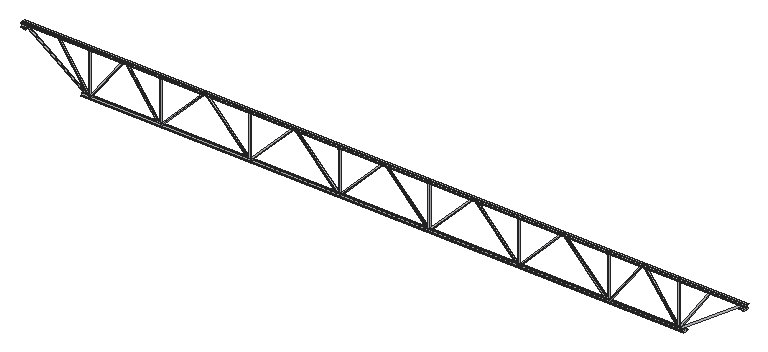
Revit family "9c9a49268ec04ab88eb60fa0b8c4e295", category Structural Framing, Revit 2019
Family settings
  Structural Framing Length Roundoff = 0' - 0 1/16"
  Section Shape = Not Defined
  Material for Model Behavior = Steel
  Always export as geometry = Yes
  OmniClass Number = 23.25.30.21.14.11
  OmniClass Title = Metal Joists
  Seek Item ID = DLH-Series Bar Joist-0000-USA-ENU
  Always vertical = Yes
  Cut with Voids When Loaded = No
  Symbolic Representation = From Family
  Shared = No
  Show family pre-cut in plan views = Yes
Parameters (values of type "52DLH14")
  Wt = 39
  Web Thickness = 0' - 1"
  Vertical Member Visibility = yes
  Variable Panel [instance] = (Length - (End Panel * 2) - IntPanelArrayLength) / 2  # 6' - 10"
  Structural Material = none
  Start Offset [instance] = 0' - 0"
  Start Extension [instance] = 0' - 0"
  Seat Length = 0' - 6"
  Seat Depth = 0' - 5"
  IntPanelWidth [instance] = Depth * 2  # 8' - 8"
  IntPanelArrayNum [instance] = (PanelAreaLength / IntPanelWidth) - 2  # 5
  IntPanelArrayLength [instance] = IntPanelArrayNum * IntPanelWidth  # 43' - 4"
  PanelAreaLength [instance] = Length - (End Panel * 2)  # 57' - 0"
  End Panel = 1.5 * Depth  # 6' - 6"
  End Offset [instance] = 0' - 0"
  End Extension [instance] = 0' - 0"
  Cord Leg = 0' - 2 1/2"
  Chord Thickness = 0' - 0 1/2"
  Assembly Code = "B1010350"
  Length [instance] = 70' - 0"
  Depth = 4' - 4"
Types (3): name | Wt | Variable Panel | IntPanelWidth | IntPanelArrayNum | IntPanelArrayLength | PanelAreaLength | End Panel | Depth
  72DLH16 | 50 | 14' - 0" | 12' - 0" | 2 | 24' - 0" | 52' - 0" | 9' - 0" | 6' - 0"
  64DLH15 | 43 | 11' - 0" | 10' - 8" | 3 | 32' - 0" | 54' - 0" | 8' - 0" | 5' - 4"
  52DLH14 | 39 | 6' - 10" | 8' - 8" | 5 | 43' - 4" | 57' - 0" | 6' - 6" | 4' - 4"
Reference planes (in)
  plane 1 "Center (Front/Back)": y = 0
  plane 2: z = 0
  plane 3 "Center (Left/Right)": x = 0.1815
  plane 4 "Member Left": x = -139.8185
  plane 5 "Member Right": x = 140.1815
  plane 6: y = 3
  plane 7: y = -3
  plane 8: z = 26
  plane 9: z = -26
  plane 10 "Left": x = -419.8185
  plane 11 "Stick Symbol Left": x = -513.8185
  plane 12 "Stick Symbol Right": x = 516.38727
  plane 13 "Right": x = 420.1815
  plane 14: z = 21
  plane 15: x = -413.8185
  plane 16: x = -341.8185
  plane 17: x = -349.8185
  plane 18: x = 414.1815
  plane 19: x = 342.1815
  plane 20: y = 0.5
  plane 21: y = -0.5
  plane 22: z = 23.5
  plane 23: z = -23.5
  plane 24: x = 350.1815
  plane 25: x = -377.8185
  plane 26: x = -259.8185
  plane 27: x = 260.1815
  plane 28: x = 378.1815
  plane 29: z = -25.75
  plane 30: z = 25.75
  plane 31: x = -419.8185
  plane 32: x = 420.1815
  plane 33: x = -419.8185
  plane 34: x = 420.1815
  plane 35 "Symbol Left": x = -513.8185
  plane 36: x = -513.8185
  plane 37: x = 516.38727
  plane 38 "Symbol Right": x = 516.38727
Forms (in)
  Extrusion 1, solid, material <- "Structural Material", detail levels medium+fine
    sketch origin (0.1815, 0, 0) x (0, 1, 0) y (0, 0, 1)
      loop
        line (3, 26) -> (0.5, 26) -> (0.5, 23.5) -> (1, 23.5) -> (1, 25.5) -> (3, 25.5) -> (3, 26)
      loop
        line (-3, 26) -> (-3, 25.5) -> (-1, 25.5) -> (-1, 23.5) -> (-0.5, 23.5) -> (-0.5, 26) -> (-3, 26)
    from -420 to 420
  Extrusion 2, solid, material <- "Structural Material", detail levels medium+fine
    sketch origin (0.1815, 0, 0) x (0, 1, 0) y (0, 0, 1)
      loop
        line (0.5, -23.5) -> (0.5, -26) -> (3, -26) -> (3, -25.5) -> (1, -25.5) -> (1, -23.5) -> (0.5, -23.5)
      loop
        line (-0.5, -23.5) -> (-1, -23.5) -> (-1, -25.5) -> (-3, -25.5) -> (-3, -26) -> (-0.5, -26) -> (-0.5, -23.5)
    from -350 to 350
  Extrusion 3, solid, material <- "Structural Material", detail levels medium+fine
    sketch origin (0.1815, 0, 0) x (0, 1, 0) y (0, 0, 1)
      loop
        line (3, 21) -> (3, 21.5) -> (1, 21.5) -> (1, 23.5) -> (0.5, 23.5) -> (0.5, 21) -> (3, 21)
      loop
        line (-3, 21) -> (-0.5, 21) -> (-0.5, 23.5) -> (-1, 23.5) -> (-1, 21.5) -> (-3, 21.5) -> (-3, 21)
    from 414 to 420
  Extrusion 4, solid, material <- "Structural Material", detail levels medium+fine
    sketch origin (0.1815, 0, 0) x (0, 1, 0) y (0, 0, 1)
      loop
        line (-3, 21) -> (-0.5, 21) -> (-0.5, 23.5) -> (-1, 23.5) -> (-1, 21.5) -> (-3, 21.5) -> (-3, 21)
      loop
        line (0.5, 21) -> (3, 21) -> (3, 21.5) -> (1, 21.5) -> (1, 23.5) -> (0.5, 23.5) -> (0.5, 21)
    from -420 to -414
  Sweep 5, solid, material <- "Structural Material", detail levels fine
    path in 3D
      loop
        line (342.1815, 0, -25.75) -> (414.1815, 0, 23.5)
    profile "Web-Profile : Web-Profile" origin (378.1815, 0, -1.125) x (-0.564581, 0, 0.825378) y (0, -1, 0)
      loop
        line (-1, 0.75) -> (-1, 0.25) -> (1, 0.25) -> (1, 0.75) -> (-1, 0.75)
  Sweep 6, solid, material <- "Structural Material", detail levels fine
    path in 3D
      loop
        line (378.06721, 0, 23.5) -> (342.1815, 0, -25.75)
    profile "Web-Profile : Web-Profile" origin (360.12436, 0, -1.125) x (0.808209, 0, -0.588896) y (0, -1, 0)
      loop
        line (-1, 0.25) -> (-1, -0.25) -> (1, -0.25) -> (1, 0.25) -> (-1, 0.25)
  Sweep 7, solid, material <- "Structural Material", detail levels fine
    path in 3D
      loop
        line (-413.8185, 0, 23.5) -> (-341.8185, 0, -25.75)
    profile "Web-Profile : Web-Profile" origin (-377.8185, 0, -1.125) x (0.564581, 0, 0.825378) y (0, -1, 0)
      loop
        line (-1, 0.25) -> (-1, -0.25) -> (1, -0.25) -> (1, 0.25) -> (-1, 0.25)
  Sweep 8, solid, material <- "Structural Material", detail levels fine
    path in 3D
      loop
        line (-341.8185, 0, -25.75) -> (-377.8185, 0, 23.5)
    profile "Web-Profile : Web-Profile" origin (-359.8185, 0, -1.125) x (-0.807316, 0, -0.590119) y (0, -1, 0)
      loop
        line (-1, 0.25) -> (-1, -0.25) -> (1, -0.25) -> (1, 0.25) -> (-1, 0.25)
Lines and regions (in)
  symbolic lines, style "StructuralFraming", detail levels coarse
    curve 1: line (0, 3, 26) -> (0, 0.5, 26)
    curve 2: line (0, -3, -26) -> (0, -0.5, -26)
    curve 14: line (0, 0.5, -26) -> (0, 3, -26)
    curve 15: line (0.1815, 0.5, -26) -> (0.1815, 0.5, -23.5)
    curve 16: line (0.1815, -0.5, -26) -> (0.1815, -0.5, -23.5)
    curve 17: line (0.1815, -0.5, 26) -> (0.1815, -0.5, 23.5)
    curve 18: line (0.1815, 0.5, 26) -> (0.1815, 0.5, 23.5)
    curve 19: line (0, -0.5, 26) -> (0, -3, 26)
  symbolic lines, style "StructuralFraming", detail levels coarse+medium
    curve 3: line (0, 0, -26) -> (0, 0, 26)
  reference lines
    curve 4: line (-507.8185, 0, -30.86251) -> (-507.8185, 0, 29.13749)
    curve 5: line (-429.8185, 0, -31.11251) -> (-429.8185, 0, 29.13749)
    curve 6: line (510.38727, 0, -30.05649) -> (510.38727, 0, 27.94351)
    curve 7: line (432.38727, 0, -33.77905) -> (432.38727, 0, 29.22095)
  model lines, style "Web Joist", detail levels coarse
    curve 8: line (432.38727, 0, -26) -> (-429.8185, 0, -26)
    curve 9: line (516.38727, 0, 26) -> (-513.8185, 0, 26)
    curve 20: line (-429.8185, 0, -26) -> (-507.8185, 0, 26)
    curve 21: line (432.38727, 0, -26) -> (510.38727, 0, 26)
  model lines, style "StructuralFraming", detail levels medium
    curve 10: line (-341.8185, 0, -25.75) -> (-377.8185, 0, 23.5)
    curve 11: line (-413.8185, 0, 23.5) -> (-341.8185, 0, -25.75)
    curve 12: line (378.06721, 0, 23.5) -> (342.1815, 0, -25.75)
    curve 13: line (342.1815, 0, -25.75) -> (414.1815, 0, 23.5)
  sketch lines
    curve 22: line (342.1815, 0, -25.75) -> (414.1815, 0, 23.5)
    curve 23: line (378.06721, 0, 23.5) -> (342.1815, 0, -25.75)
    curve 24: line (-413.8185, 0, 23.5) -> (-341.8185, 0, -25.75)
    curve 25: line (-341.8185, 0, -25.75) -> (-377.8185, 0, 23.5)
  symbolic lines, style "StructuralFraming", detail levels fine
    curve 26: line (0.1815, 0.5, 23.5) -> (0.1815, 0.5, -23.5)
  symbolic lines, detail levels fine
    curve 27: line (0.1815, -0.5, 23.5) -> (0.1815, -0.5, -23.5)
    curve 28: line (0.1815, 0.5, 25.75) -> (0.1815, -0.5, 25.75)
    curve 29: line (0.1815, 0.5, -25.75) -> (0.1815, -0.5, -25.75)
Dimensions and locks (in)
  equal spacing: plane 9, plane 2, plane 8
  "Length": plane 10 "Left" to plane 13 "Right"
  equal spacing: plane 10 "Left", plane 3 "Center (Left/Right)", plane 13 "Right"
  "End Panel": curve 5 to curve 4
  "End Panel": curve 6 to curve 7
  "Depth": plane 9 to plane 8
  "Seat Depth": plane 8 to plane 14
  locked: plane 17 to plane 16 at 8
  "End Panel": plane 10 "Left" to plane 16
  "End Panel": plane 13 "Right" to plane 19
  "Web Thickness": plane 20 to plane 21
  equal spacing: plane 20, plane 1 "Center (Front/Back)", plane 21
  "Cord Leg": plane 21 to plane 7
  "Cord Leg": plane 6 to plane 20
  "Cord Leg": plane 9 to plane 23
  "Cord Leg": plane 22 to plane 8
  "Chord Thickness": plane 8 to Extrusion 1 sketch curve
  "Chord Thickness": Extrusion 1 sketch curve to plane 8
  "Chord Thickness": plane 21 to Extrusion 1 sketch curve
  "Chord Thickness": Extrusion 1 sketch curve to plane 20
  "Chord Thickness": plane 9 to Extrusion 2 sketch curve  (x2)
  "Chord Thickness": Extrusion 2 sketch curve to plane 20
  "Chord Thickness": plane 21 to Extrusion 2 sketch curve
  plane 19 to plane 24 = 0' - 8"
  "Chord Thickness": plane 14 to Extrusion 3 sketch curve  (x2)
  "Chord Thickness": plane 21 to Extrusion 3 sketch curve
  "Chord Thickness": Extrusion 3 sketch curve to plane 20
  "Chord Thickness": plane 14 to Extrusion 4 sketch curve  (x2)
  "Chord Thickness": Extrusion 4 sketch curve to plane 20
  "Chord Thickness": plane 21 to Extrusion 4 sketch curve
  locked: plane 29 to plane 9 at 0.25
  locked: plane 8 to plane 30 at 0.25
  equal spacing: plane 16, plane 25, plane 15
  equal spacing: plane 18, plane 28, plane 19
  equal spacing: plane 27, plane 3 "Center (Left/Right)", plane 26
  "IntPanelArrayLength": plane 27 to plane 26
  equal spacing: group 1, group 3, group 4, group 5, group 2  (x3)
  "Start Offset": plane 10 "Left" to plane 33
  "Seat Length": plane 15 to plane 33
  "Start Extension": plane 31 to plane 33
  "End Offset": plane 34 to plane 13 "Right"
  "Seat Length": plane 18 to plane 34
  "End Extension": plane 34 to plane 32
  "Seat Length": curve 4 to plane 36
  "Start Offset": plane 36 to plane 11 "Stick Symbol Left"
  "Start Extension": plane 36 to plane 35 "Symbol Left"
  "Seat Length": plane 37 to curve 6
  "End Offset": plane 37 to plane 12 "Stick Symbol Right"
  "End Extension": plane 38 "Symbol Right" to plane 37
  aligned and locked: curve 8 to plane 9
  aligned and locked: curve 9 to plane 8
  aligned and locked: curve 5 to curve 8
  aligned and locked: curve 7 to curve 8
  aligned and locked: plane 8 to Extrusion 1 sketch curve
  aligned and locked: Extrusion 1 sketch curve to plane 8
  aligned and locked: plane 6 to Extrusion 1 sketch curve
  aligned and locked: plane 7 to Extrusion 1 sketch curve
  aligned and locked: Extrusion 1 sketch curve to plane 22
  aligned and locked: plane 22 to Extrusion 1 sketch curve
  aligned and locked: plane 9 to Extrusion 2 sketch curve
  aligned and locked: Extrusion 2 sketch curve to plane 9
  aligned and locked: plane 6 to Extrusion 2 sketch curve
  aligned and locked: plane 7 to Extrusion 2 sketch curve
  aligned and locked: plane 20 to Extrusion 2 sketch curve
  aligned and locked: plane 21 to Extrusion 2 sketch curve
  aligned and locked: Extrusion 2 sketch curve to plane 23
  aligned and locked: plane 23 to Extrusion 2 sketch curve
  aligned and locked: Extrusion 2 to plane 24
  aligned and locked: plane 17 to Extrusion 2
  aligned and locked: Extrusion 3 sketch curve to plane 7
  aligned and locked: plane 14 to Extrusion 3 sketch curve
  aligned and locked: Extrusion 3 sketch curve to plane 14
  aligned and locked: Extrusion 3 sketch curve to plane 6
  aligned and locked: plane 21 to Extrusion 3 sketch curve
  aligned and locked: plane 20 to Extrusion 3 sketch curve
  aligned and locked: Extrusion 3 sketch curve to plane 22
  aligned and locked: plane 22 to Extrusion 3 sketch curve
  aligned and locked: Extrusion 3 to plane 18
  aligned and locked: plane 6 to Extrusion 4 sketch curve
  aligned and locked: Extrusion 4 sketch curve to plane 7
  aligned and locked: Extrusion 4 sketch curve to plane 20
  aligned and locked: plane 21 to Extrusion 4 sketch curve
  aligned and locked: plane 22 to Extrusion 4 sketch curve  (x2)
  aligned and locked: Extrusion 4 sketch curve to plane 14  (x2)
  aligned and locked: plane 15 to Extrusion 4
  aligned and locked: Extrusion 2 to curve 15
  aligned and locked: curve 15 to Extrusion 2
  aligned and locked: curve 2 to curve 16
  aligned and locked: curve 16 to Extrusion 2
  aligned and locked: Extrusion 1 to curve 17
  aligned and locked: curve 17 to Extrusion 1
  aligned and locked: curve 18 to Extrusion 1  (x2)
  aligned and locked: curve 1 to Extrusion 1
  aligned and locked: nested 1 to plane 1 "Center (Front/Back)"
  aligned and locked: nested 1 to plane 26
  aligned and locked: plane 27 to nested 2
  aligned and locked: plane 1 "Center (Front/Back)" to nested 3
  aligned and locked: nested 3 to plane 16
  aligned and locked: Extrusion 4 to curve 11
  aligned and locked: curve 13 to Extrusion 3
  aligned and locked: plane 25 to curve 10
  aligned and locked: curve 4 to curve 20
  aligned and locked: curve 6 to curve 21
  aligned and locked: Extrusion 1 to plane 31
  aligned and locked: Extrusion 4 to plane 31
  aligned and locked: plane 32 to Extrusion 3
  aligned and locked: plane 32 to Extrusion 1
  aligned and locked: plane 1 "Center (Front/Back)" to nested 4
  aligned and locked: nested 4 to plane 27
  aligned and locked: plane 9 to nested 3
  aligned and locked: plane 9 to nested 1
  aligned and locked: plane 9 to nested 4
  aligned and locked: plane 35 "Symbol Left" to curve 9
  aligned and locked: plane 38 "Symbol Right" to curve 9
Automatic sketch dimensions
  Extrusion 1 sketch curve to plane 21 = 0' - 0"
  Extrusion 1 sketch curve to plane 20 = 0' - 0"
  curve 14 to plane 6 = 0' - 0"
  curve 1 to plane 6 = 0' - 0"
  curve 14 to plane 9 = 0' - 0"
  curve 14 to plane 20 = 0' - 0"
  curve 1 to plane 20 = 0' - 0"
  curve 19 to plane 8 = 0' - 0"
  curve 19 to plane 21 = 0' - 0"
  curve 19 to plane 7 = 0' - 0"
  curve 2 to plane 7 = 0' - 0"
  curve 2 to plane 9 = 0' - 0"
  curve 2 to plane 21 = 0' - 0"
  curve 3 to plane 1 "Center (Front/Back)" = 0' - 0"
  curve 3 to plane 9 = 0' - 0"
  curve 29 to plane 29 = 0' - 0"
  curve 16 to plane 23 = 0' - 0"
  curve 26 to plane 23 = 0' - 0"
  curve 26 to plane 22 = 0' - 0"
  curve 17 to plane 22 = 0' - 0"
  curve 28 to plane 30 = 0' - 0"
  curve 3 to plane 8 = 0' - 0"
  plane 9 to curve 7 = 0' - 7.77905"
  plane 9 to curve 5 = 0' - 5.11251"
  plane 9 to curve 4 = 0' - 4.86251"
  plane 9 to curve 6 = 0' - 4.05649"
  curve 6 to plane 8 = 0' - 1.94351"
  curve 5 to plane 8 = 0' - 3.13749"
  curve 4 to plane 8 = 0' - 3.13749"
  curve 7 to plane 8 = 0' - 3.22095"
  curve 11 to plane 15 = 0' - 0"
  plane 16 to curve 10 = 0' - 0"
  curve 12 to plane 19 = 0' - 0"
  curve 12 to plane 22 = 0' - 0"
  curve 13 to plane 18 = 0' - 0"
  curve 10 to plane 29 = 0' - 0"
  curve 13 to plane 29 = 0' - 0"
  curve 10 to plane 22 = 0' - 0"
  plane 28 to curve 12 = 0' - 0.11429"
Nested families (in)
  nested 1: "Angled Web" at (-259.8185, 0, 0), type "Angled Web"
  nested 2: "Angled Web" at (156.1815, 0, 0), type "Angled Web"
  nested 3: "Angled Web-Variable-Left" at (-341.8185, 0, 0), PanelWidth <- "Variable Panel", type "Angled Web-Variable-Left"
    with PanelWidth 6' - 10"
  nested 4: "Angled Web-Variable-Right" at (260.1815, 0, 0), PanelWidth <- "Variable Panel", type "Angled Web-Variable-Right"
    with PanelWidth 6' - 10"
  nested 5: "Angled Web" at (-155.8185, 0, 0), type "Angled Web"
  nested 6: "Angled Web" at (-51.8185, 0, 0), type "Angled Web"
  nested 7: "Angled Web" at (52.1815, 0, 0), type "Angled Web"
Definition of nested family "Angled Web"
  Parameters
    WebMaterial = none
    Web Thickness = Thickness / 2  # 0' - 0 1/2"
    Web Offset = Web Leg / 2  # 0' - 1"
    Web Leg = 0' - 2"
    Vertical Member Visibility = yes
    Thickness = 0' - 1"
    PanelHeight = 4' - 4"
    PanelWidth = 8' - 8"
    Assembly Code = ""
  Reference planes (in)
    plane 1 "Center (Front/Back)": y = 0
    plane 2: z = 0
    plane 3 "Center (Left/Right)": x = 0
    plane 4: x = 104
    plane 5: x = 52
    plane 6: z = -26
    plane 7: z = -25
    plane 8: z = 25
    plane 9: z = 26
    plane 10: y = -0.5
    plane 11: y = 0.5
    plane 12: z = 23.5
    plane 13: z = -23.5
  Forms (in)
    Sweep 1, solid, material <- "WebMaterial", detail levels fine
      path in 3D
        loop
          line (0, 0, -25) -> (1, 0, -25) -> (51, 0, 25) -> (53, 0, 25)
      profile origin (0.5, 0, -25) x (0, 0, 1) y (0, -1, 0)
        loop
          line (1, 0) -> (1, 0.5) -> (-1, 0.5) -> (-1, 0) -> (1, 0)
    Sweep 2, solid, material <- "WebMaterial", detail levels fine
      path in 3D
        loop
          line (104, 0, -25) -> (103, 0, -25) -> (53, 0, 25) -> (51, 0, 25)
      profile origin (103.5, 0, -25) x (0, 0, -1) y (0, -1, 0)
        loop
          line (-1, -0.5) -> (1, -0.5) -> (1, 0) -> (-1, 0) -> (-1, -0.5)
    Sweep 3, solid, material <- "WebMaterial", detail levels fine
      path in 3D
        loop
          line (3.91421, -0.5, -23.5) -> (50.91421, -0.5, 23.5)
      profile origin (27.41421, -0.5, 0) x (-0.707107, 0, 0.707107) y (0, -1, 0)
        loop
          line (0, 0) -> (0.5, 0) -> (0.5, 1.5) -> (0, 1.5) -> (0, 0)
    Sweep 4, solid, material <- "WebMaterial", detail levels fine
      path in 3D
        loop
          line (100.08579, 0.5, -23.5) -> (53.08579, 0.5, 23.5)
      profile origin (76.58579, 0.5, 0) x (0.707107, 0, 0.707107) y (0, 1, 0)
        loop
          line (0, 0) -> (0.5, 0) -> (0.5, 1.5) -> (0, 1.5) -> (0, 0)
    Sweep 5, solid, material <- "WebMaterial", visible <- "Vertical Member Visibility", detail levels fine
      path origin (0, 0, 0) x (1, 0, 0) y (0, 1, 0)
        loop
          line (104, 0.5) -> (104, -0.5)
      profile origin (104, 0, 0) x (1, 0, 0) y (0, 0, 1)
        loop
          line (-1, 26) -> (-1, 22.75) -> (-0.5625, 22.3125) -> (-0.5625, -22.3125) -> (-1, -22.75) -> (-1, -26) -> (1, -26) -> (1, 26) -> (-1, 26)
  Cuts and joins
    joined: Sweep 1, Sweep 3
    joined: Sweep 2, Sweep 4
  Lines and regions (in)
    model lines, detail levels medium+fine
      curve 1: line (0, 0, -26) -> (0, 0, 26)
      curve 2: line (0, 0, 26) -> (104, 0, 26)
      curve 3: line (104, 0, 26) -> (104, 0, -26)
      curve 4: line (104, 0, -26) -> (0, 0, -26)
    model lines, detail levels medium
      curve 5: line (51, 0, 25) -> (53, 0, 25)
      curve 6: line (0, 0, -25) -> (1, 0, -25)
      curve 7: line (104, 0, -25) -> (103, 0, -25)
      curve 8: line (1, 0, -25) -> (51, 0, 25)
      curve 9: line (53, 0, 25) -> (103, 0, -25)
    sketch lines
      curve 10: line (0, 0, -25) -> (1, 0, -25)
      curve 11: line (1, 0, -25) -> (51, 0, 25)
      curve 12: line (51, 0, 25) -> (53, 0, 25)
      curve 13: line (104, 0, -25) -> (103, 0, -25)
      curve 14: line (53, 0, 25) -> (103, 0, -25)
      curve 15: line (51, 0, 25) -> (53, 0, 25)
      curve 16: line (3.91421, -0.5, -23.5) -> (50.91421, -0.5, 23.5)
      curve 17: line (100.08579, 0.5, -23.5) -> (53.08579, 0.5, 23.5)
    model lines, visible <- "Vertical Member Visibility", detail levels medium
      curve 18: line (104, 0, 26) -> (104, 0, -26)
  Dimensions and locks (in)
    "PanelWidth": plane 4 to plane 3 "Center (Left/Right)"
    equal spacing: plane 4, plane 5, plane 3 "Center (Left/Right)"
    plane 7 to plane 6 = 0' - 1"
    "Thickness": plane 9 to plane 8
    "PanelHeight": plane 9 to plane 6
    equal spacing: plane 9, plane 2, plane 6
    "Thickness": plane 11 to plane 10
    equal spacing: plane 11, plane 1 "Center (Front/Back)", plane 10
    locked: plane 9 to plane 12 at 2.5
    plane 13 to plane 6 = 0' - 2 1/2"
    "Web Offset": plane 7 to plane 6
    "Web Offset": curve 6 to plane 3 "Center (Left/Right)"
    "Web Offset": curve 7 to plane 4
    "Web Offset": plane 5 to curve 5
    "Web Offset": curve 5 to plane 5
    "Web Leg": Sweep 1 sketch curve to Sweep 1 sketch curve
    equal spacing: Sweep 1 sketch curve, plane 7, Sweep 1 sketch curve
    equal spacing: Sweep 2 sketch curve, profile plane, Sweep 2 sketch curve
    "Web Leg": Sweep 2 sketch curve to Sweep 2 sketch curve
    "Web Leg": plane 1 "Center (Front/Back)" to Sweep 3 sketch curve
    "Web Thickness": Sweep 3 sketch curve to Sweep 3 sketch curve
    "Web Leg": plane 1 "Center (Front/Back)" to Sweep 4 sketch curve
    "Web Thickness": Sweep 4 sketch curve to Sweep 4 sketch curve
    locked: Sweep 5 sketch curve to Sweep 5 sketch curve at 3.25  (x2)
    equal spacing: Sweep 5 sketch curve, plane 4, Sweep 5 sketch curve  (x2)
    "Web Leg": Sweep 5 sketch curve to Sweep 5 sketch curve
    locked: Sweep 5 sketch curve to Sweep 5 sketch curve at 0.4375
    equal spacing: Sweep 5 sketch curve, plane 2, Sweep 5 sketch curve
    locked: Sweep 5 sketch curve to Sweep 5 sketch curve (angle 135.00°)  (x2)
    aligned and locked: plane 8 to curve 5
    aligned and locked: curve 7 to plane 7
    aligned and locked: plane 7 to curve 6
    aligned and locked: plane 9 to curve 2
    aligned and locked: plane 10 to Sweep 1 sketch curve
    aligned and locked: Sweep 1 sketch curve to plane 1 "Center (Front/Back)"
    aligned and locked: Sweep 2 sketch curve to plane 11
    aligned and locked: profile plane to Sweep 2 sketch curve
    aligned and locked: Sweep 1 to curve 16
    aligned and locked: Sweep 3 sketch curve to profile plane
    aligned and locked: plane 10 to Sweep 3 sketch curve
    aligned and locked: Sweep 4 sketch curve to plane 11
    aligned and locked: profile plane to Sweep 4 sketch curve
    aligned and locked: plane 4 to Sweep 5 sketch curve
    aligned and locked: plane 11 to Sweep 5 sketch curve
    aligned and locked: plane 10 to Sweep 5 sketch curve
    aligned and locked: plane 9 to Sweep 5 sketch curve
    aligned and locked: Sweep 5 sketch curve to plane 6
    aligned and locked: plane 3 "Center (Left/Right)" to curve 1
    aligned and locked: curve 4 to plane 6
    aligned and locked: curve 18 to plane 4
    aligned and locked: curve 2 to curve 18
Definition of nested family "Angled Web-Variable-Left"
  Parameters
    WebMaterial = none
    Web Thickness = Thickness / 2  # 0' - 0 1/2"
    Web Offset = Web Leg / 2  # 0' - 1"
    Web Leg = 0' - 2"
    Vertical Member Visibility = yes
    Thickness = 0' - 1"
    PanelHeight = 4' - 4"
    PanelWidth [instance] = 5' - 0"
    Assembly Code = ""
  Reference planes (in)
    plane 1 "Center (Front/Back)": y = 0
    plane 2: z = 0
    plane 3 "Center (Left/Right)": x = 0
    plane 4: x = 60
    plane 5: x = 30
    plane 6: z = -26
    plane 7: z = -25
    plane 8: z = 25
    plane 9: z = 26
    plane 10: y = -0.5
    plane 11: y = 0.5
    plane 12: z = 23.5
    plane 13: z = -23.5
  Forms (in)
    Sweep 1, solid, material <- "WebMaterial", detail levels fine
      path in 3D
        loop
          line (0, 0, -25) -> (1, 0, -25) -> (29, 0, 25) -> (31, 0, 25)
      profile origin (0.5, 0, -25) x (0, 0, 1) y (0, -1, 0)
        loop
          line (1, 0) -> (1, 0.5) -> (-1, 0.5) -> (-1, 0) -> (1, 0)
    Sweep 2, solid, material <- "WebMaterial", detail levels fine
      path in 3D
        loop
          line (60, 0, -25) -> (59, 0, -25) -> (31, 0, 25) -> (29, 0, 25)
      profile origin (59.5, 0, -25) x (0, 0, -1) y (0, -1, 0)
        loop
          line (-1, -0.5) -> (1, -0.5) -> (1, 0) -> (-1, 0) -> (-1, -0.5)
    Sweep 3, solid, material <- "WebMaterial", detail levels fine
      path in 3D
        loop
          line (3.3136, -0.5, -22.91523) -> (29.24063, -0.5, 23.38305)
      profile origin (16.27711, -0.5, 0.23391) x (-0.872506, 0, 0.488603) y (0, -1, 0)
        loop
          line (0, 0) -> (0.5, 0) -> (0.5, 1.5) -> (0, 1.5) -> (0, 0)
    Sweep 4, solid, material <- "WebMaterial", detail levels fine
      path in 3D
        loop
          line (56.6864, 0.5, -22.91523) -> (30.75937, 0.5, 23.38305)
      profile origin (43.72289, 0.5, 0.23391) x (0.872506, 0, 0.488603) y (0, 1, 0)
        loop
          line (0, 0) -> (0.5, 0) -> (0.5, 1.5) -> (0, 1.5) -> (0, 0)
    Sweep 5, solid, material <- "WebMaterial", visible <- "Vertical Member Visibility", detail levels fine
      path origin (0, 0, 0) x (1, 0, 0) y (0, 1, 0)
        loop
          line (0, 0.5) -> (0, -0.5)
      profile origin (0, 0, 0) x (1, 0, 0) y (0, 0, 1)
        loop
          line (-1, 26) -> (-1, 22.75) -> (-0.5625, 22.3125) -> (-0.5625, -22.3125) -> (-1, -22.75) -> (-1, -26) -> (1, -26) -> (1, 26) -> (-1, 26)
    Sweep 6, solid, material <- "WebMaterial", visible <- "Vertical Member Visibility", detail levels fine
      path origin (0, 0, 0) x (1, 0, 0) y (0, 1, 0)
        loop
          line (60, 0.5) -> (60, -0.5)
      profile origin (60, 0, 0) x (1, 0, 0) y (0, 0, 1)
        loop
          line (-1, 26) -> (-1, 22.75) -> (-0.5625, 22.3125) -> (-0.5625, -22.3125) -> (-1, -22.75) -> (-1, -26) -> (1, -26) -> (1, 26) -> (-1, 26)
  Cuts and joins
    joined: Sweep 1, Sweep 3
    joined: Sweep 2, Sweep 4
  Lines and regions (in)
    model lines, detail levels medium+fine
      curve 1: line (0, 0, -26) -> (0, 0, 26)
      curve 2: line (0, 0, 26) -> (60, 0, 26)
      curve 3: line (60, 0, 26) -> (60, 0, -26)
      curve 4: line (60, 0, -26) -> (0, 0, -26)
    model lines, detail levels medium
      curve 5: line (29, 0, 25) -> (31, 0, 25)
      curve 6: line (0, 0, -25) -> (1, 0, -25)
      curve 7: line (60, 0, -25) -> (59, 0, -25)
      curve 8: line (1, 0, -25) -> (29, 0, 25)
      curve 9: line (31, 0, 25) -> (59, 0, -25)
    sketch lines
      curve 10: line (0, 0, -25) -> (1, 0, -25)
      curve 11: line (1, 0, -25) -> (29, 0, 25)
      curve 12: line (29, 0, 25) -> (31, 0, 25)
      curve 13: line (60, 0, -25) -> (59, 0, -25)
      curve 14: line (31, 0, 25) -> (59, 0, -25)
      curve 15: line (29, 0, 25) -> (31, 0, 25)
      curve 16: line (3.3136, -0.5, -22.91523) -> (29.24063, -0.5, 23.38305)
      curve 17: line (56.6864, 0.5, -22.91523) -> (30.75937, 0.5, 23.38305)
    model lines, visible <- "Vertical Member Visibility", detail levels medium
      curve 18: line (0, 0, -26) -> (0, 0, 26)
      curve 19: line (60, 0, 26) -> (60, 0, -26)
  Dimensions and locks (in)
    "PanelWidth": plane 4 to plane 3 "Center (Left/Right)"
    equal spacing: plane 4, plane 5, plane 3 "Center (Left/Right)"
    plane 7 to plane 6 = 0' - 1"
    "Thickness": plane 9 to plane 8
    "PanelHeight": plane 9 to plane 6
    equal spacing: plane 9, plane 2, plane 6
    "Thickness": plane 11 to plane 10
    equal spacing: plane 11, plane 1 "Center (Front/Back)", plane 10
    locked: plane 9 to plane 12 at 2.5
    plane 13 to plane 6 = 0' - 2 1/2"
    "Web Offset": plane 7 to plane 6
    "Web Offset": curve 6 to plane 3 "Center (Left/Right)"
    "Web Offset": curve 7 to plane 4
    "Web Offset": plane 5 to curve 5
    "Web Offset": curve 5 to plane 5
    "Web Leg": Sweep 1 sketch curve to Sweep 1 sketch curve
    equal spacing: Sweep 1 sketch curve, plane 7, Sweep 1 sketch curve
    equal spacing: Sweep 2 sketch curve, profile plane, Sweep 2 sketch curve
    "Web Leg": Sweep 2 sketch curve to Sweep 2 sketch curve
    "Web Leg": plane 1 "Center (Front/Back)" to Sweep 3 sketch curve
    "Web Thickness": Sweep 3 sketch curve to Sweep 3 sketch curve
    "Web Leg": plane 1 "Center (Front/Back)" to Sweep 4 sketch curve
    "Web Thickness": Sweep 4 sketch curve to Sweep 4 sketch curve
    locked: Sweep 5 sketch curve to Sweep 5 sketch curve at 3.25  (x2)
    equal spacing: Sweep 5 sketch curve, plane 3 "Center (Left/Right)", Sweep 5 sketch curve  (x2)
    "Web Leg": Sweep 5 sketch curve to Sweep 5 sketch curve
    locked: Sweep 5 sketch curve to Sweep 5 sketch curve at 0.4375  (x2)
    equal spacing: Sweep 6 sketch curve, plane 4, Sweep 6 sketch curve  (x2)
    "Web Leg": Sweep 6 sketch curve to Sweep 6 sketch curve
    locked: Sweep 6 sketch curve to Sweep 6 sketch curve at 3.25
    Sweep 6 sketch curve to Sweep 6 sketch curve = 0' - 3 1/4"
    locked: Sweep 6 sketch curve to Sweep 6 sketch curve at 0.4375
    locked: Sweep 5 sketch curve to Sweep 5 sketch curve (angle 135.00°)  (x2)
    locked: Sweep 6 sketch curve to Sweep 6 sketch curve (angle 135.00°)  (x2)
    aligned and locked: plane 8 to curve 5
    aligned and locked: curve 7 to plane 7
    aligned and locked: plane 7 to curve 6
    aligned and locked: plane 9 to curve 2
    aligned and locked: plane 10 to Sweep 1 sketch curve
    aligned and locked: Sweep 1 sketch curve to plane 1 "Center (Front/Back)"
    aligned and locked: Sweep 2 sketch curve to plane 11
    aligned and locked: profile plane to Sweep 2 sketch curve
    aligned and locked: Sweep 1 to curve 16
    aligned and locked: Sweep 3 sketch curve to profile plane
    aligned and locked: plane 10 to Sweep 3 sketch curve
    aligned and locked: Sweep 4 sketch curve to plane 11
    aligned and locked: profile plane to Sweep 4 sketch curve
    aligned and locked: Sweep 5 sketch curve to plane 3 "Center (Left/Right)"
    aligned and locked: plane 11 to Sweep 5 sketch curve
    aligned and locked: plane 10 to Sweep 5 sketch curve
    aligned and locked: Sweep 5 sketch curve to plane 9
    aligned and locked: Sweep 5 sketch curve to plane 6
    aligned and locked: plane 11 to Sweep 6 sketch curve
    aligned and locked: plane 10 to Sweep 6 sketch curve
    aligned and locked: plane 4 to Sweep 6 sketch curve
    aligned and locked: plane 9 to Sweep 6 sketch curve
    aligned and locked: Sweep 6 sketch curve to plane 6
    aligned and locked: plane 3 "Center (Left/Right)" to curve 1
    aligned and locked: curve 4 to plane 6
    aligned and locked: curve 19 to plane 4
    aligned and locked: curve 2 to curve 19
    aligned and locked: curve 4 to curve 18
Definition of nested family "Angled Web-Variable-Right"
  Parameters
    WebMaterial = none
    Web Thickness = Thickness / 2  # 0' - 0 1/2"
    Web Offset = Web Leg / 2  # 0' - 1"
    Web Leg = 0' - 2"
    Vertical Member Visibility = yes
    Thickness = 0' - 1"
    PanelHeight = 4' - 4"
    PanelWidth [instance] = 5' - 0"
    Assembly Code = ""
  Reference planes (in)
    plane 1 "Center (Front/Back)": y = 0
    plane 2: z = 0
    plane 3 "Center (Left/Right)": x = 0
    plane 4: x = 60
    plane 5: x = 30
    plane 6: z = -26
    plane 7: z = -25
    plane 8: z = 25
    plane 9: z = 26
    plane 10: y = -0.5
    plane 11: y = 0.5
    plane 12: z = 23.5
    plane 13: z = -23.5
  Forms (in)
    Sweep 1, solid, material <- "WebMaterial", detail levels fine
      path in 3D
        loop
          line (0, 0, -25) -> (1, 0, -25) -> (29, 0, 25) -> (31, 0, 25)
      profile origin (0.5, 0, -25) x (0, 0, 1) y (0, -1, 0)
        loop
          line (1, 0) -> (1, 0.5) -> (-1, 0.5) -> (-1, 0) -> (1, 0)
    Sweep 2, solid, material <- "WebMaterial", detail levels fine
      path in 3D
        loop
          line (60, 0, -25) -> (59, 0, -25) -> (31, 0, 25) -> (29, 0, 25)
      profile origin (59.5, 0, -25) x (0, 0, -1) y (0, -1, 0)
        loop
          line (-1, -0.5) -> (1, -0.5) -> (1, 0) -> (-1, 0) -> (-1, -0.5)
    Sweep 3, solid, material <- "WebMaterial", detail levels fine
      path in 3D
        loop
          line (3.3136, -0.5, -22.91523) -> (29.24063, -0.5, 23.38305)
      profile origin (16.27711, -0.5, 0.23391) x (-0.872506, 0, 0.488603) y (0, -1, 0)
        loop
          line (0, 0) -> (0.5, 0) -> (0.5, 1.5) -> (0, 1.5) -> (0, 0)
    Sweep 4, solid, material <- "WebMaterial", detail levels fine
      path in 3D
        loop
          line (56.6864, 0.5, -22.91523) -> (30.75937, 0.5, 23.38305)
      profile origin (43.72289, 0.5, 0.23391) x (0.872506, 0, 0.488603) y (0, 1, 0)
        loop
          line (0, 0) -> (0.5, 0) -> (0.5, 1.5) -> (0, 1.5) -> (0, 0)
    Sweep 5, solid, material <- "WebMaterial", visible <- "Vertical Member Visibility", detail levels fine
      path origin (0, 0, 0) x (1, 0, 0) y (0, 1, 0)
        loop
          line (60, 0.5) -> (60, -0.5)
      profile origin (60, 0, 0) x (1, 0, 0) y (0, 0, 1)
        loop
          line (-1, 26) -> (-1, 22.75) -> (-0.5625, 22.3125) -> (-0.5625, -22.3125) -> (-1, -22.75) -> (-1, -26) -> (1, -26) -> (1, 26) -> (-1, 26)
  Cuts and joins
    joined: Sweep 1, Sweep 3
    joined: Sweep 2, Sweep 4
  Lines and regions (in)
    model lines, detail levels medium+fine
      curve 1: line (0, 0, -26) -> (0, 0, 26)
      curve 2: line (0, 0, 26) -> (60, 0, 26)
      curve 3: line (60, 0, 26) -> (60, 0, -26)
      curve 4: line (60, 0, -26) -> (0, 0, -26)
    model lines, detail levels medium
      curve 5: line (29, 0, 25) -> (31, 0, 25)
      curve 6: line (0, 0, -25) -> (1, 0, -25)
      curve 7: line (60, 0, -25) -> (59, 0, -25)
      curve 8: line (1, 0, -25) -> (29, 0, 25)
      curve 9: line (31, 0, 25) -> (59, 0, -25)
    sketch lines
      curve 10: line (0, 0, -25) -> (1, 0, -25)
      curve 11: line (1, 0, -25) -> (29, 0, 25)
      curve 12: line (29, 0, 25) -> (31, 0, 25)
      curve 13: line (60, 0, -25) -> (59, 0, -25)
      curve 14: line (31, 0, 25) -> (59, 0, -25)
      curve 15: line (29, 0, 25) -> (31, 0, 25)
      curve 16: line (3.3136, -0.5, -22.91523) -> (29.24063, -0.5, 23.38305)
      curve 17: line (56.6864, 0.5, -22.91523) -> (30.75937, 0.5, 23.38305)
    model lines, visible <- "Vertical Member Visibility", detail levels medium
      curve 18: line (60, 0, 26) -> (60, 0, -26)
  Dimensions and locks (in)
    "PanelWidth": plane 4 to plane 3 "Center (Left/Right)"
    equal spacing: plane 4, plane 5, plane 3 "Center (Left/Right)"
    plane 7 to plane 6 = 0' - 1"
    "Thickness": plane 9 to plane 8
    "PanelHeight": plane 9 to plane 6
    equal spacing: plane 9, plane 2, plane 6
    "Thickness": plane 11 to plane 10
    equal spacing: plane 11, plane 1 "Center (Front/Back)", plane 10
    locked: plane 9 to plane 12 at 2.5
    plane 13 to plane 6 = 0' - 2 1/2"
    "Web Offset": plane 7 to plane 6
    "Web Offset": curve 6 to plane 3 "Center (Left/Right)"
    "Web Offset": curve 7 to plane 4
    "Web Offset": plane 5 to curve 5
    "Web Offset": curve 5 to plane 5
    "Web Leg": Sweep 1 sketch curve to Sweep 1 sketch curve
    equal spacing: Sweep 1 sketch curve, plane 7, Sweep 1 sketch curve
    equal spacing: Sweep 2 sketch curve, profile plane, Sweep 2 sketch curve
    "Web Leg": Sweep 2 sketch curve to Sweep 2 sketch curve
    "Web Leg": plane 1 "Center (Front/Back)" to Sweep 3 sketch curve
    "Web Thickness": Sweep 3 sketch curve to Sweep 3 sketch curve
    "Web Leg": plane 1 "Center (Front/Back)" to Sweep 4 sketch curve
    "Web Thickness": Sweep 4 sketch curve to Sweep 4 sketch curve
    equal spacing: Sweep 5 sketch curve, plane 4, Sweep 5 sketch curve  (x2)
    locked: Sweep 5 sketch curve to Sweep 5 sketch curve at 3.25  (x2)
    "Web Leg": Sweep 5 sketch curve to Sweep 5 sketch curve
    locked: Sweep 5 sketch curve to Sweep 5 sketch curve at 0.4375
    locked: Sweep 5 sketch curve to Sweep 5 sketch curve (angle 135.00°)  (x2)
    aligned and locked: plane 8 to curve 5
    aligned and locked: curve 7 to plane 7
    aligned and locked: plane 7 to curve 6
    aligned and locked: plane 9 to curve 2
    aligned and locked: plane 10 to Sweep 1 sketch curve
    aligned and locked: Sweep 1 sketch curve to plane 1 "Center (Front/Back)"
    aligned and locked: Sweep 2 sketch curve to plane 11
    aligned and locked: profile plane to Sweep 2 sketch curve
    aligned and locked: Sweep 1 to curve 16
    aligned and locked: Sweep 3 sketch curve to profile plane
    aligned and locked: plane 10 to Sweep 3 sketch curve
    aligned and locked: Sweep 4 sketch curve to plane 11
    aligned and locked: profile plane to Sweep 4 sketch curve
    aligned and locked: plane 11 to Sweep 5 sketch curve
    aligned and locked: plane 4 to Sweep 5 sketch curve
    aligned and locked: plane 10 to Sweep 5 sketch curve
    aligned and locked: plane 9 to Sweep 5 sketch curve
    aligned and locked: Sweep 5 sketch curve to plane 6
    aligned and locked: curve 4 to plane 6
    aligned and locked: curve 18 to plane 4
    aligned and locked: curve 2 to curve 18
    aligned and locked: plane 3 "Center (Left/Right)" to curve 1
